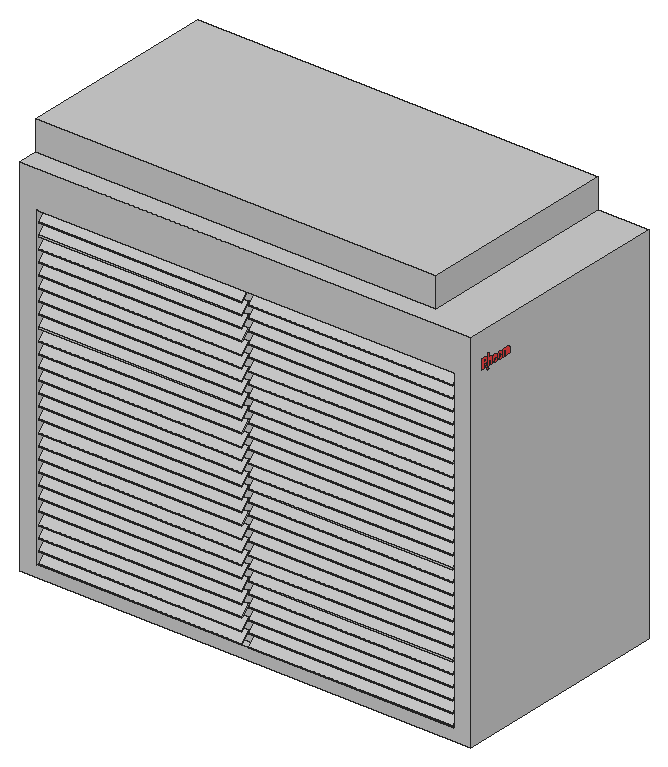
Revit family
Parameters (values of type "Commerical Heat Pump - Ducted")
  Unitheight_ANZRS = 935 mm
  UnitWidth_ANZRS = 565 mm
  UnitDepth_ANZRS [instance] = 1150 mm
  URL = "http://www.rheem.com.au/commercial_product.asp?ProdID=96&cat_id=2\r\n"
  Type Comments = "Output 16 KW @ 20oC/60% RH Recovery 300 L/h  @ 45°C  rise\r\n"
  Materials_ANZRS = Rheem - Joey Grey Steel
  OutletPipeDiameter_ANZRS = OutPipeRadius_ANZRS * 2  # 32 mm
  OutPipeRadius_ANZRS = 16 mm
  Model = "952022\r\n"
  Manufacturer = "Rheem\r\n"
  InletPipeDiameter_ANZRS = InPipeRadius_ANZRS * 2  # 32 mm
  InPipeRadius_ANZRS = 16 mm
  DesignBy_ANZRS = "Design Content ©\r\n"
  Description = "Commerical Heat Pump - Ducted \r\n"
  CondensateDrainPipeDiameter_ANZRS = CDPipeRadius_ANZRS * 2  # 20 mm
  CDPipeRadius_ANZRS = 10 mm
  Author_ANZRS = "DM"
  Assembly Code = ""
Reference planes
  plane 1 "Center (Front/Back)": y = 0
  plane 2: z = 0
  plane 3 "Center (Left/Right)": x = 0
  plane 4 "W1": y = 282.5
  plane 5 "W2": y = -282.5
  plane 6 "W4": x = -575
  plane 7 "W3": x = 575
  plane 8 "CENTER 1": x = -320
  plane 9 "CENTER 2": x = 180
  plane 10: z = 25
  plane 11 "HEIGHT": z = 960
  plane 12 "W11": y = 212.65
  plane 13 "W13": y = 147.65
  plane 14 "W15": y = -212.65
  plane 15 "W14": y = -147.65
  plane 16 "CD1": z = 225
  plane 17 "CD2": z = 555
  plane 18 "CENTER 3": y = -167.65
  plane 19 "w5": x = -545
  plane 20 "W7": x = 545
  plane 21 "H1": z = 53.419
  plane 22 "CENTER 5": y = 180.15
  plane 23 "CENTER 4": y = -180.15
  plane 24: y = -260.438
  plane 25 "W6": x = -527.091
  plane 26 "W9": x = 527.091
  plane 27 "W8": x = 532.091
  plane 28: x = -625
  plane 29: y = 174.5
  plane 30 "Fans": z = 1035
Forms (mm)
  Extrusion 1, solid, material "Rheem - Joey Grey Steel" <- "Materials_ANZRS"
    sketch origin (0, 0, 0) x (1, 0, 0) y (0, 1, 0)
      loop
        line (-575, 282.5) -> (-575, -260.438) -> (575, -260.438) -> (575, 282.5) -> (-575, 282.5)
    from 25 to 960
  Extrusion 2, solid, material "Rheem - Joey Grey Steel" <- "Materials_ANZRS"
    sketch origin (0, 0, 0) x (0, 1, 0) y (0, 0, 1)
      loop
        circle (-167.65, 555) r 16
      loop
        circle (-167.65, 225) r 16
    from -575 to -625
  Extrusion 3, solid, material "Rheem - Joey Grey Steel" <- "Materials_ANZRS"
    sketch origin (0, 0, 0) x (0, 1, 0) y (0, 0, 1)
      loop
        line (212.65, 0) -> (212.65, 25) -> (147.65, 25) -> (147.65, 0) -> (212.65, 0)
      loop
        line (-147.65, 0) -> (-147.65, 25) -> (-212.65, 25) -> (-212.65, 0) -> (-147.65, 0)
    from -545 to 545
  Extrusion 4, solid, material "Rheem - Joey Grey Steel" <- "Materials_ANZRS"
    sketch origin (0, 0, 0) x (0, 1, 0) y (0, 0, 1)
      loop
        circle (180.15, 53.419) r 10
      loop
        circle (-180.15, 53.419) r 10
    from -575 to -625
  Extrusion 5, solid, material "Rheem - Joey Grey Steel" <- "Materials_ANZRS"
    sketch origin (0, 0, 0) x (0, 1, 0) y (0, 0, 1)
      loop
        line (-260.438, 860.039) -> (-282.5, 837.978) -> (-282.5, 835.579) -> (-260.438, 857.64) -> (-260.438, 860.039)
      loop
        line (-260.438, 830.039) -> (-282.5, 807.978) -> (-282.5, 805.579) -> (-260.438, 827.64) -> (-260.438, 830.039)
      loop
        line (-260.438, 800.039) -> (-282.5, 777.978) -> (-282.5, 775.579) -> (-260.438, 797.64) -> (-260.438, 800.039)
      loop
        line (-260.438, 770.039) -> (-282.5, 747.978) -> (-282.5, 745.579) -> (-260.438, 767.64) -> (-260.438, 770.039)
      loop
        line (-260.438, 740.039) -> (-282.5, 717.978) -> (-282.5, 715.579) -> (-260.438, 737.64) -> (-260.438, 740.039)
      loop
        line (-260.438, 710.039) -> (-282.5, 687.978) -> (-282.5, 685.579) -> (-260.438, 707.64) -> (-260.438, 710.039)
      loop
        line (-260.438, 680.039) -> (-282.5, 657.978) -> (-282.5, 655.579) -> (-260.438, 677.64) -> (-260.438, 680.039)
      loop
        line (-260.438, 650.039) -> (-282.5, 627.978) -> (-282.5, 625.579) -> (-260.438, 647.64) -> (-260.438, 650.039)
      loop
        line (-260.438, 620.039) -> (-282.5, 597.978) -> (-282.5, 595.579) -> (-260.438, 617.64) -> (-260.438, 620.039)
      loop
        line (-260.438, 590.039) -> (-282.5, 567.978) -> (-282.5, 565.579) -> (-260.438, 587.64) -> (-260.438, 590.039)
      loop
        line (-260.438, 560.039) -> (-282.5, 537.978) -> (-282.5, 535.579) -> (-260.438, 557.64) -> (-260.438, 560.039)
      loop
        line (-260.438, 530.039) -> (-282.5, 507.978) -> (-282.5, 505.579) -> (-260.438, 527.64) -> (-260.438, 530.039)
      loop
        line (-260.438, 500.039) -> (-282.5, 477.978) -> (-282.5, 475.579) -> (-260.438, 497.64) -> (-260.438, 500.039)
      loop
        line (-260.438, 470.039) -> (-282.5, 447.978) -> (-282.5, 445.579) -> (-260.438, 467.64) -> (-260.438, 470.039)
      loop
        line (-260.438, 440.039) -> (-282.5, 417.978) -> (-282.5, 415.579) -> (-260.438, 437.64) -> (-260.438, 440.039)
      loop
        line (-260.438, 410.039) -> (-282.5, 387.978) -> (-282.5, 385.579) -> (-260.438, 407.64) -> (-260.438, 410.039)
      loop
        line (-260.438, 380.039) -> (-282.5, 357.978) -> (-282.5, 355.579) -> (-260.438, 377.64) -> (-260.438, 380.039)
      loop
        line (-260.438, 350.039) -> (-282.5, 327.978) -> (-282.5, 325.579) -> (-260.438, 347.64) -> (-260.438, 350.039)
      loop
        line (-260.438, 320.039) -> (-282.5, 297.978) -> (-282.5, 295.579) -> (-260.438, 317.64) -> (-260.438, 320.039)
      loop
        line (-260.438, 290.039) -> (-282.5, 267.978) -> (-282.5, 265.579) -> (-260.438, 287.64) -> (-260.438, 290.039)
      loop
        line (-260.438, 260.039) -> (-282.5, 237.978) -> (-282.5, 235.579) -> (-260.438, 257.64) -> (-260.438, 260.039)
      loop
        line (-260.438, 230.039) -> (-282.5, 207.978) -> (-282.5, 205.579) -> (-260.438, 227.64) -> (-260.438, 230.039)
      loop
        line (-260.438, 200.039) -> (-282.5, 177.978) -> (-282.5, 175.579) -> (-260.438, 197.64) -> (-260.438, 200.039)
      loop
        line (-260.438, 170.039) -> (-282.5, 147.978) -> (-282.5, 145.579) -> (-260.438, 167.64) -> (-260.438, 170.039)
      loop
        line (-260.438, 140.039) -> (-282.5, 117.978) -> (-282.5, 115.579) -> (-260.438, 137.64) -> (-260.438, 140.039)
      loop
        line (-260.438, 110.039) -> (-282.5, 87.978) -> (-282.5, 85.579) -> (-260.438, 107.64) -> (-260.438, 110.039)
      loop
        line (-260.438, 80.039) -> (-282.5, 57.978) -> (-282.5, 55.579) -> (-260.438, 77.64) -> (-260.438, 80.039)
    from -527.091 to -9.296
  Extrusion 6, solid, material "Rheem - Joey Grey Steel" <- "Materials_ANZRS"
    sketch origin (0, 0, 0) x (1, 0, 0) y (0, 0, 1)
      loop
        line (-575, 960) -> (-575, 25) -> (-14.281, 25) -> (575, 25) -> (575, 960) -> (-575, 960)
      loop
        line (-532.091, 53.419) -> (532.091, 53.419) -> (532.091, 865.039) -> (-532.091, 865.039) -> (-532.091, 53.419)
    from 260.438 to 282.5
  Extrusion 7, solid, material "Rheem - Joey Grey Steel" <- "Materials_ANZRS"
    sketch origin (0, 0, 0) x (0, 1, 0) y (0, 0, -1)
      loop
        line (-260.438, -860.039) -> (-260.438, -857.64) -> (-282.5, -835.579) -> (-282.5, -837.978) -> (-260.438, -860.039)
      loop
        line (-260.438, -830.039) -> (-260.438, -827.64) -> (-282.5, -805.579) -> (-282.5, -807.978) -> (-260.438, -830.039)
      loop
        line (-260.438, -800.039) -> (-260.438, -797.64) -> (-282.5, -775.579) -> (-282.5, -777.978) -> (-260.438, -800.039)
      loop
        line (-260.438, -770.039) -> (-260.438, -767.64) -> (-282.5, -745.579) -> (-282.5, -747.978) -> (-260.438, -770.039)
      loop
        line (-260.438, -740.039) -> (-260.438, -737.64) -> (-282.5, -715.579) -> (-282.5, -717.978) -> (-260.438, -740.039)
      loop
        line (-260.438, -710.039) -> (-260.438, -707.64) -> (-282.5, -685.579) -> (-282.5, -687.978) -> (-260.438, -710.039)
      loop
        line (-260.438, -680.039) -> (-260.438, -677.64) -> (-282.5, -655.579) -> (-282.5, -657.978) -> (-260.438, -680.039)
      loop
        line (-260.438, -650.039) -> (-260.438, -647.64) -> (-282.5, -625.579) -> (-282.5, -627.978) -> (-260.438, -650.039)
      loop
        line (-260.438, -620.039) -> (-260.438, -617.64) -> (-282.5, -595.579) -> (-282.5, -597.978) -> (-260.438, -620.039)
      loop
        line (-260.438, -590.039) -> (-260.438, -587.64) -> (-282.5, -565.579) -> (-282.5, -567.978) -> (-260.438, -590.039)
      loop
        line (-260.438, -560.039) -> (-260.438, -557.64) -> (-282.5, -535.579) -> (-282.5, -537.978) -> (-260.438, -560.039)
      loop
        line (-260.438, -530.039) -> (-260.438, -527.64) -> (-282.5, -505.579) -> (-282.5, -507.978) -> (-260.438, -530.039)
      loop
        line (-260.438, -500.039) -> (-260.438, -497.64) -> (-282.5, -475.579) -> (-282.5, -477.978) -> (-260.438, -500.039)
      loop
        line (-260.438, -470.039) -> (-260.438, -467.64) -> (-282.5, -445.579) -> (-282.5, -447.978) -> (-260.438, -470.039)
      loop
        line (-260.438, -440.039) -> (-260.438, -437.64) -> (-282.5, -415.579) -> (-282.5, -417.978) -> (-260.438, -440.039)
      loop
        line (-260.438, -410.039) -> (-260.438, -407.64) -> (-282.5, -385.579) -> (-282.5, -387.978) -> (-260.438, -410.039)
      loop
        line (-260.438, -380.039) -> (-260.438, -377.64) -> (-282.5, -355.579) -> (-282.5, -357.978) -> (-260.438, -380.039)
      loop
        line (-260.438, -350.039) -> (-260.438, -347.64) -> (-282.5, -325.579) -> (-282.5, -327.978) -> (-260.438, -350.039)
      loop
        line (-260.438, -320.039) -> (-260.438, -317.64) -> (-282.5, -295.579) -> (-282.5, -297.978) -> (-260.438, -320.039)
      loop
        line (-260.438, -290.039) -> (-260.438, -287.64) -> (-282.5, -265.579) -> (-282.5, -267.978) -> (-260.438, -290.039)
      loop
        line (-260.438, -260.039) -> (-260.438, -257.64) -> (-282.5, -235.579) -> (-282.5, -237.978) -> (-260.438, -260.039)
      loop
        line (-260.438, -230.039) -> (-260.438, -227.64) -> (-282.5, -205.579) -> (-282.5, -207.978) -> (-260.438, -230.039)
      loop
        line (-260.438, -200.039) -> (-260.438, -197.64) -> (-282.5, -175.579) -> (-282.5, -177.978) -> (-260.438, -200.039)
      loop
        line (-260.438, -170.039) -> (-260.438, -167.64) -> (-282.5, -145.579) -> (-282.5, -147.978) -> (-260.438, -170.039)
      loop
        line (-260.438, -140.039) -> (-260.438, -137.64) -> (-282.5, -115.579) -> (-282.5, -117.978) -> (-260.438, -140.039)
      loop
        line (-260.438, -110.039) -> (-260.438, -107.64) -> (-282.5, -85.579) -> (-282.5, -87.978) -> (-260.438, -110.039)
      loop
        line (-260.438, -80.039) -> (-260.438, -77.64) -> (-282.5, -55.579) -> (-282.5, -57.978) -> (-260.438, -80.039)
    from -527.091 to -9.296
  Extrusion 8, solid, material "Rheem - Joey Grey Steel" <- "Materials_ANZRS"
    sketch origin (575, 0, 960) x (0, 0, -1) y (0, 1, 0)
      loop
        circle (286.023, 174.5) r 0.5
    from 0 to -1
  Extrusion 9, solid, material "Rheem - Joey Grey Steel" <- "Materials_ANZRS"
    sketch origin (575, 0, 960) x (0, 0, -1) y (0, 1, 0)
      loop
        circle (336.023, 174.5) r 0.5
    from 0 to -1
  Extrusion 10, solid, material "Rheem - Joey Grey Steel" <- "Materials_ANZRS"
    sketch origin (575, 0, 960) x (0, 0, -1) y (0, 1, 0)
      loop
        circle (311.023, 174.5) r 0.5
    from 0 to -1
  Extrusion 11, solid, material "Rheem - Joey Grey Steel" <- "Materials_ANZRS"
    sketch origin (575, 0, 960) x (0, 0, -1) y (0, 1, 0)
      loop
        circle (361.023, 174.5) r 0.5
    from 0 to -1
  Extrusion 12, solid, material "Rheem - Joey Grey Steel" <- "Materials_ANZRS"
    sketch origin (0, 0, 960) x (-1, 0, 0) y (0, -1, 0)
      loop
        line (575, -282.5) -> (575, 232.5) -> (-445, 232.5) -> (-445, -282.5) -> (575, -282.5)
    from 0 to 75
Cuts and joins
  joined: Extrusion 1, Extrusion 6
Lines and regions (mm)
  Masking region 1
    outline origin (0, 0, 0) x (1, 0, 0) y (0, 1, 0)
      loop
        line (575, 282.5) -> (-575, 282.5) -> (-575, -282.5) -> (575, -282.5) -> (575, 282.5)
  Masking region 2
    outline origin (0, 0, 0) x (1, 0, 0) y (0, 0, 1)
      loop
        line (-575, 960) -> (-575, 25) -> (-545, 25) -> (-545, 0) -> (545, 0) -> (545, 25) -> (575, 25) -> (575, 960) -> (-575, 960)
  Masking region 3
    outline origin (0, 0, 0) x (0, 1, 0) y (0, 0, 1)
      loop
        line (282.5, 25) -> (282.5, 960) -> (-282.5, 960) -> (-282.5, 25) -> (-212.65, 25) -> (-212.65, 0) -> (-147.65, 0) -> (-147.65, 25) -> (147.65, 25) -> (147.65, 0) -> (212.65, 0) -> (212.65, 25) -> (282.5, 25)
  Masking region 4
    outline origin (0, 0, 0) x (1, 0, 0) y (0, 1, 0)
      loop
        line (-575, 282.5) -> (-575, -282.5) -> (575, -282.5) -> (575, 282.5) -> (-575, 282.5)
  symbolic lines, style "Rheem - Heat Pump", detail levels fine
    curve 1: line (575, 282.5, 0) -> (-575, 282.5, 0)
    curve 2: line (-575, 282.5, 0) -> (-575, -282.5, 0)
    curve 3: line (-575, -282.5, 0) -> (575, -282.5, 0)
    curve 4: line (575, -282.5, 0) -> (575, 282.5, 0)
    curve 5: line (-625, 190.15, 0) -> (-625, 170.15, 0)
    curve 6: line (-625, 170.15, 0) -> (-575, 170.15, 0)
    curve 7: line (-625, 190.15, 0) -> (-575, 190.15, 0)
    curve 8: line (-625, -147.65, 0) -> (-625, -180.15, 0)
    curve 9: line (-625, -180.15, 0) -> (-575, -180.15, 0)
    curve 10: line (-625, -147.65, 0) -> (-575, -147.65, 0)
    curve 11: line (-575, 0, 960) -> (-575, 0, 25)
    curve 12: line (575, 0, 960) -> (-575, 0, 960)
    curve 13: line (575, 0, 25) -> (575, 0, 960)
    curve 14: line (-575, 0, 25) -> (575, 0, 25)
    curve 15: line (-545, 0, 0) -> (545, 0, 0)
    curve 16: line (545, 0, 0) -> (545, 0, 25)
    curve 17: line (-545, 0, 25) -> (-545, 0, 0)
    curve 18: line (-625, 0, 63.419) -> (-625, 0, 43.419)
    curve 19: line (-625, 0, 571) -> (-625, 0, 538.877)
    curve 20: line (-625, 0, 241) -> (-625, 0, 209)
    curve 21: line (-625, 0, 571) -> (-575, 0, 571)
    curve 22: line (-625, 0, 538.877) -> (-575, 0, 538.877)
    curve 23: line (-625, 0, 241) -> (-575, 0, 241)
    curve 24: line (-625, 0, 209) -> (-575, 0, 209)
    curve 25: line (-625, 0, 63.419) -> (-575, 0, 63.419)
    curve 26: line (-625, 0, 43.419) -> (-575, 0, 43.419)
    curve 27: arc (-489.599, 0, 978.205) -> (-435.138, 0, 989.464) -> (-379.529, 0, 990.147) r 290.723
    curve 28: arc (-380.05, 0, 1028.047) -> (-461.829, 0, 1039.388) -> (-543, 0, 1024.299) r 257.845
    curve 29: line (-543, 0, 1024.299) -> (-543, 0, 989.574)
    curve 30: arc (-543, 0, 989.574) -> (-517.109, 0, 980.087) -> (-489.599, 0, 978.205) r 97.782
    curve 31: line (-97, 0, 989.574) -> (-97, 0, 1024.299)
    curve 32: line (-97, 0, 1024.299) -> (-145.8, 0, 1036.595)
    curve 33: arc (-150.401, 0, 978.205) -> (-204.603, 0, 989.436) -> (-259.95, 0, 990.19) r 290.723
    curve 34: arc (-259.95, 0, 1028.047) -> (-178.171, 0, 1039.388) -> (-97, 0, 1024.299) r 257.845
    curve 35: arc (10.401, 0, 978.205) -> (64.603, 0, 989.436) -> (119.95, 0, 990.19) r 290.723
    curve 36: arc (119.95, 0, 1028.047) -> (38.171, 0, 1039.388) -> (-43, 0, 1024.299) r 257.845
    curve 37: line (-43, 0, 1024.299) -> (-43, 0, 989.574)
    curve 38: arc (-43, 0, 989.574) -> (-17.109, 0, 980.087) -> (10.401, 0, 978.205) r 97.782
    curve 39: line (403, 0, 989.574) -> (403, 0, 1024.299)
    curve 40: line (403, 0, 1024.299) -> (354.2, 0, 1036.595)
    curve 41: arc (349.599, 0, 978.205) -> (295.397, 0, 989.436) -> (240.05, 0, 990.19) r 290.723
    curve 42: arc (240.05, 0, 1028.047) -> (321.829, 0, 1039.388) -> (403, 0, 1024.299) r 257.845
    curve 43: line (-371.22, 0, 1039.299) -> (-268.78, 0, 1039.299)
    curve 44: line (-259.95, 0, 1030.469) -> (-380.05, 0, 1030.469)
    curve 45: line (-259.95, 0, 984.299) -> (-380.05, 0, 984.299)
    curve 46: line (-371.22, 0, 975.469) -> (-268.78, 0, 975.469)
    curve 47: line (128.78, 0, 1039.299) -> (231.22, 0, 1039.299)
    curve 48: line (240.05, 0, 1030.469) -> (119.95, 0, 1030.469)
    curve 49: line (240.05, 0, 984.299) -> (119.95, 0, 984.299)
    curve 50: line (128.78, 0, 975.469) -> (231.22, 0, 975.469)
    curve 51: line (119.95, 0, 1030.469) -> (128.78, 0, 1039.299)
    curve 52: line (119.95, 0, 984.299) -> (128.78, 0, 975.469)
    curve 53: line (231.22, 0, 975.469) -> (240.05, 0, 984.299)
    curve 54: line (240.05, 0, 1030.469) -> (231.22, 0, 1039.299)
    curve 55: line (-380.05, 0, 1030.469) -> (-371.22, 0, 1039.299)
    curve 56: line (-268.78, 0, 1039.299) -> (-259.95, 0, 1030.469)
    curve 57: line (-259.95, 0, 984.299) -> (-268.78, 0, 975.469)
    curve 58: line (-371.22, 0, 975.469) -> (-380.05, 0, 984.299)
    curve 59: line (-380.05, 0, 984.299) -> (-380.05, 0, 1030.469)
    curve 60: line (-259.95, 0, 1030.469) -> (-259.95, 0, 984.299)
    curve 61: line (119.95, 0, 1030.469) -> (119.95, 0, 984.299)
    curve 62: line (240.05, 0, 1030.469) -> (240.05, 0, 984.299)
    curve 63: line (0, 282.5, 25) -> (0, 282.5, 960)
    curve 64: line (0, 282.5, 960) -> (0, -282.5, 960)
    curve 65: line (0, -282.5, 960) -> (0, -282.5, 25)
    curve 66: line (0, -282.5, 25) -> (0, 282.5, 25)
    curve 67: line (0, 212.65, 0) -> (0, 212.65, 25)
    curve 68: line (0, 147.65, 0) -> (0, 212.65, 0)
    curve 69: line (0, 147.65, 25) -> (0, 147.65, 0)
    curve 70: line (0, -147.65, 0) -> (0, -147.65, 25)
    curve 71: line (0, -212.65, 0) -> (0, -147.65, 0)
    curve 72: line (0, -212.65, 25) -> (0, -212.65, 0)
    curve 73: arc (0, -170.15, 53.419) -> (0, -180.15, 43.419) -> (0, -190.15, 53.419) r 10
    curve 74: arc (0, -190.15, 53.419) -> (0, -180.15, 63.419) -> (0, -170.15, 53.419) r 10
    curve 75: arc (0, 190.15, 53.419) -> (0, 180.15, 43.419) -> (0, 170.15, 53.419) r 10
    curve 76: arc (0, 170.15, 53.419) -> (0, 180.15, 63.419) -> (0, 190.15, 53.419) r 10
    curve 77: arc (0, -151.65, 225) -> (0, -167.65, 209) -> (0, -183.65, 225) r 16
    curve 78: arc (0, -183.65, 225) -> (0, -167.65, 241) -> (0, -151.65, 225) r 16
    curve 79: arc (0, -151.65, 555) -> (0, -167.65, 539) -> (0, -183.65, 555) r 16
    curve 80: arc (0, -183.65, 555) -> (0, -167.65, 571) -> (0, -151.65, 555) r 16
    curve 99: arc (-97, 0, 989.574) -> (-122.891, 0, 980.087) -> (-150.401, 0, 978.205) r 97.782
    curve 100: arc (403, 0, 989.574) -> (377.109, 0, 980.087) -> (349.599, 0, 978.205) r 97.782
  symbolic lines, style "Rheem - Heat Pump", detail levels medium+fine
    curve 81: arc (0, 169.689, 966.982) -> (0, 115.451, 978.217) -> (0, 60.067, 978.962) r 290.723
    curve 82: arc (0, 60.067, 1016.802) -> (0, 141.881, 1028.166) -> (0, 223.091, 1013.077) r 257.845
    curve 83: line (0, 223.091, 1013.077) -> (0, 223.091, 978.351)
    curve 84: arc (0, 223.091, 978.351) -> (0, 197.2, 968.864) -> (0, 169.689, 966.982) r 97.782
    curve 85: line (0, -222.909, 978.254) -> (0, -222.909, 1013.077)
    curve 86: arc (0, -169.45, 967) -> (0, -115.372, 978.206) -> (0, -60.15, 978.983) r 290.723
    curve 87: arc (0, -60.15, 1016.883) -> (0, -141.838, 1028.163) -> (0, -222.909, 1013.077) r 257.845
    curve 88: line (0, -51.31, 1028.077) -> (0, 51.31, 1028.077)
    curve 89: line (0, -51.301, 964.246) -> (0, 51.31, 964.246)
    curve 90: line (0, 51.31, 964.246) -> (0, 60.067, 973.003)
    curve 91: line (0, 60.16, 973.096) -> (0, -60.15, 973.096)
    curve 92: line (0, -51.301, 964.246) -> (0, -60.15, 973.096)
    curve 93: line (0, -60.15, 973.096) -> (0, -60.15, 1019.237)
    curve 94: line (0, -60.15, 1019.237) -> (0, -51.31, 1028.077)
    curve 95: line (0, 51.31, 1028.077) -> (0, 60.067, 1019.32)
    curve 96: line (0, 60.067, 1019.32) -> (0, 60.067, 973.003)
    curve 97: line (0, -60.15, 1019.237) -> (0, 60.067, 1019.237)
    curve 98: arc (0, -222.909, 978.254) -> (0, -196.982, 968.818) -> (0, -169.45, 967) r 97.782
  model lines, style "Rheem - Heat Pump", detail levels medium+fine
    curve 101: circle (-320, 25, 1035) r 244 normal (0, 0, 1)
    curve 102: line (-368.8, -30.701, 1035) -> (-368.8, -149.2, 1035)
    curve 103: arc (-368.8, -149.2, 1035) -> (-354.507, -183.707, 1035) -> (-320, -198, 1035) r 48.8
    curve 104: line (-320, -198, 1035) -> (-271.2, -198, 1035)
    curve 105: line (-271.2, -198, 1035) -> (-271.2, -30.701, 1035)
    curve 106: line (-375.701, -23.8, 1035) -> (-543, -23.8, 1035)
    curve 107: line (-543, -23.8, 1035) -> (-543, 25, 1035)
    curve 108: arc (-543, 25, 1035) -> (-528.707, 59.507, 1035) -> (-494.2, 73.8, 1035) r 48.8
    curve 109: line (-494.2, 73.8, 1035) -> (-375.701, 73.8, 1035)
    curve 110: line (-368.8, 80.701, 1035) -> (-368.8, 248, 1035)
    curve 111: line (-368.8, 248, 1035) -> (-320, 248, 1035)
    curve 112: arc (-320, 248, 1035) -> (-285.493, 233.707, 1035) -> (-271.2, 199.2, 1035) r 48.8
    curve 113: line (-271.2, 199.2, 1035) -> (-271.2, 80.701, 1035)
    curve 114: line (-264.299, -23.8, 1035) -> (-145.8, -23.8, 1035)
    curve 115: arc (-145.8, -23.8, 1035) -> (-111.293, -9.507, 1035) -> (-97, 25, 1035) r 48.8
    curve 116: line (-97, 25, 1035) -> (-97, 73.8, 1035)
    curve 117: line (-97, 73.8, 1035) -> (-264.299, 73.8, 1035)
    curve 118: circle (-320, 25, 1035) r 206 normal (0, 0, 1)
    curve 119: circle (-320, 25, 1035) r 168 normal (0, 0, 1)
    curve 120: circle (-320, 25, 1035) r 130 normal (0, 0, 1)
    curve 121: circle (-320, 25, 1035) r 92 normal (0, 0, 1)
    curve 122: circle (-320, 25, 1035) r 54 normal (0, 0, 1)
    curve 123: circle (-504.286, 209.286, 1035) r 4.88 normal (0, 0, 1)
    curve 124: circle (-135.714, 209.286, 1035) r 4.88 normal (0, 0, 1)
    curve 125: line (-278.522, 59.577, 1035) -> (-132.263, 205.835, 1035)
    curve 126: line (-285.423, 66.478, 1035) -> (-139.165, 212.737, 1035)
    curve 127: line (-354.577, 66.478, 1035) -> (-500.835, 212.737, 1035)
    curve 128: line (-361.478, 59.577, 1035) -> (-507.737, 205.835, 1035)
    curve 129: line (-354.577, -16.478, 1035) -> (-500.835, -162.737, 1035)
    curve 130: line (-361.478, -9.577, 1035) -> (-507.737, -155.835, 1035)
    curve 131: circle (-504.286, -159.286, 1035) r 4.88 normal (0, 0, 1)
    curve 132: line (-285.423, -16.478, 1035) -> (-139.165, -162.737, 1035)
    curve 133: line (-278.522, -9.577, 1035) -> (-132.263, -155.835, 1035)
    curve 134: circle (-135.714, -159.286, 1035) r 4.88 normal (0, 0, 1)
    curve 135: circle (180, 25, 1035) r 244 normal (0, 0, 1)
    curve 136: line (131.2, -30.701, 1035) -> (131.2, -149.2, 1035)
    curve 137: arc (131.2, -149.2, 1035) -> (145.493, -183.707, 1035) -> (180, -198, 1035) r 48.8
    curve 138: line (180, -198, 1035) -> (228.8, -198, 1035)
    curve 139: line (228.8, -198, 1035) -> (228.8, -30.701, 1035)
    curve 140: line (124.299, -23.8, 1035) -> (-43, -23.8, 1035)
    curve 141: line (-43, -23.8, 1035) -> (-43, 25, 1035)
    curve 142: arc (-43, 25, 1035) -> (-28.707, 59.507, 1035) -> (5.8, 73.8, 1035) r 48.8
    curve 143: line (5.8, 73.8, 1035) -> (124.299, 73.8, 1035)
    curve 144: line (131.2, 80.701, 1035) -> (131.2, 248, 1035)
    curve 145: line (131.2, 248, 1035) -> (180, 248, 1035)
    curve 146: arc (180, 248, 1035) -> (214.507, 233.707, 1035) -> (228.8, 199.2, 1035) r 48.8
    curve 147: line (228.8, 199.2, 1035) -> (228.8, 80.701, 1035)
    curve 148: line (235.701, -23.8, 1035) -> (354.2, -23.8, 1035)
    curve 149: arc (354.2, -23.8, 1035) -> (388.707, -9.507, 1035) -> (403, 25, 1035) r 48.8
    curve 150: line (403, 25, 1035) -> (403, 73.8, 1035)
    curve 151: line (403, 73.8, 1035) -> (235.701, 73.8, 1035)
    curve 152: circle (180, 25, 1035) r 206 normal (0, 0, 1)
    curve 153: circle (180, 25, 1035) r 168 normal (0, 0, 1)
    curve 154: circle (180, 25, 1035) r 130 normal (0, 0, 1)
    curve 155: circle (180, 25, 1035) r 92 normal (0, 0, 1)
    curve 156: circle (180, 25, 1035) r 54 normal (0, 0, 1)
    curve 157: circle (-4.286, 209.286, 1035) r 4.88 normal (0, 0, 1)
    curve 158: circle (364.286, 209.286, 1035) r 4.88 normal (0, 0, 1)
    curve 159: line (221.478, 59.577, 1035) -> (367.737, 205.835, 1035)
    curve 160: line (214.577, 66.478, 1035) -> (360.835, 212.737, 1035)
    curve 161: line (145.423, 66.478, 1035) -> (-0.835, 212.737, 1035)
    curve 162: line (138.522, 59.577, 1035) -> (-7.737, 205.835, 1035)
    curve 163: line (145.423, -16.478, 1035) -> (-0.835, -162.737, 1035)
    curve 164: line (138.522, -9.577, 1035) -> (-7.737, -155.835, 1035)
    curve 165: circle (-4.286, -159.286, 1035) r 4.88 normal (0, 0, 1)
    curve 166: line (214.577, -16.478, 1035) -> (360.835, -162.737, 1035)
    curve 167: line (221.478, -9.577, 1035) -> (367.737, -155.835, 1035)
    curve 168: circle (364.286, -159.286, 1035) r 4.88 normal (0, 0, 1)
Dimensions and locks
  equal spacing: plane 6 "W4", plane 3 "Center (Left/Right)", plane 7 "W3"
  equal spacing: plane 4 "W1", plane 1 "Center (Front/Back)", plane 5 "W2"
  "UnitWidth_ANZRS": plane 4 "W1" to plane 5 "W2"
  "UnitDepth_ANZRS": plane 6 "W4" to plane 7 "W3"
  plane 6 "W4" to plane 8 "CENTER 1" = 255 mm
  plane 9 "CENTER 2" to plane 7 "W3" = 395 mm
  plane 8 "CENTER 1" to plane 9 "CENTER 2" = 500 mm
  "Unitheight_ANZRS": plane 11 "HEIGHT" to plane 10
  plane 10 to level = 25 mm
  plane 12 "W11" to plane 13 "W13" = 65 mm
  plane 15 "W14" to plane 14 "W15" = 65 mm
  plane 16 "CD1" to plane 10 = 200 mm
  plane 17 "CD2" to plane 10 = 530 mm
  locked: plane 19 "w5" to plane 6 "W4" at 30
  locked: plane 7 "W3" to plane 20 "W7" at 30
  plane 28 to plane 19 "w5" = 80 mm
  plane 21 "H1" to level = 53.419 mm
  cut or joined group of Extrusion 1, Extrusion 6 to Extrusion 12 sketch curve = 1020 mm
  plane 4 "W1" to Extrusion 12 sketch curve = 515 mm
  plane 30 "Fans" to plane 11 "HEIGHT" = 75 mm  (x2)
  plane 30 "Fans" to level = 1035 mm
  "OutPipeRadius_ANZRS": radius of Extrusion 2 sketch curve
  "InPipeRadius_ANZRS": radius of Extrusion 2 sketch curve
  "CDPipeRadius_ANZRS": radius of Extrusion 4 sketch curve  (x2)
  aligned and locked: level to plane 2
  aligned and locked: Extrusion 1 sketch curve to plane 4 "W1"
  aligned and locked: Extrusion 1 sketch curve to plane 6 "W4"
  aligned and locked: Extrusion 1 sketch curve to plane 7 "W3"
  aligned and locked: plane 11 "HEIGHT" to Extrusion 1
  aligned and locked: Extrusion 1 to plane 10
  aligned and locked: plane 17 "CD2" to Extrusion 2 sketch curve
  aligned and locked: plane 18 "CENTER 3" to Extrusion 2 sketch curve  (x2)
  aligned and locked: plane 16 "CD1" to Extrusion 2 sketch curve
  aligned: Extrusion 2 to plane 7 "W3"
  aligned and locked: level to Extrusion 3 sketch curve  (x2)
  aligned and locked: plane 12 "W11" to Extrusion 3 sketch curve
  aligned and locked: Extrusion 3 sketch curve to plane 10  (x2)
  aligned and locked: Extrusion 3 sketch curve to plane 13 "W13"
  aligned and locked: Extrusion 3 sketch curve to plane 15 "W14"
  aligned and locked: plane 14 "W15" to Extrusion 3 sketch curve
  aligned and locked: Extrusion 3 to plane 19 "w5"
  aligned and locked: Extrusion 3 to plane 20 "W7"
  aligned and locked: plane 22 "CENTER 5" to Extrusion 4 sketch curve
  aligned and locked: plane 21 "H1" to Extrusion 4 sketch curve  (x2)
  aligned and locked: plane 23 "CENTER 4" to Extrusion 4 sketch curve
  aligned and locked: Extrusion 4 to Extrusion 2
  aligned: Extrusion 4 to plane 7 "W3"
  aligned and locked: plane 5 "W2" to Extrusion 6
  aligned and locked: plane 26 "W9" to Extrusion 7
  aligned and locked: Extrusion 6 to plane 27 "W8"
  aligned and locked: Extrusion 6 sketch curve to plane 21 "H1"
  aligned and locked: Extrusion 2 to plane 6 "W4"
  aligned and locked: plane 28 to Extrusion 2
  aligned and locked: Extrusion 4 to plane 6 "W4"
  aligned and locked: plane 28 to Extrusion 4
  aligned and locked: curve 1 to cut or joined group of Extrusion 1, Extrusion 6
  aligned and locked: curve 2 to cut or joined group of Extrusion 1, Extrusion 6
  aligned and locked: curve 3 to cut or joined group of Extrusion 1, Extrusion 6
  aligned and locked: curve 4 to cut or joined group of Extrusion 1, Extrusion 6
  aligned and locked: curve 11 to cut or joined group of Extrusion 1, Extrusion 6
  aligned and locked: curve 12 to cut or joined group of Extrusion 1, Extrusion 6
  aligned and locked: curve 13 to cut or joined group of Extrusion 1, Extrusion 6
  aligned and locked: curve 14 to cut or joined group of Extrusion 1, Extrusion 6
  aligned and locked: curve 18 to Extrusion 4
  aligned and locked: curve 19 to Extrusion 2
  aligned and locked: Masking region 1 sketch curve to curve 1
  aligned and locked: Masking region 1 sketch curve to curve 4
  aligned and locked: Masking region 1 sketch curve to curve 3
  aligned and locked: Masking region 1 sketch curve to curve 2
  aligned and locked: Masking region 2 sketch curve to curve 12
  aligned and locked: Masking region 2 sketch curve to curve 11
  aligned and locked: Masking region 2 sketch curve to curve 14
  aligned and locked: Masking region 2 sketch curve to curve 13
  aligned and locked: Masking region 2 sketch curve to curve 15
  aligned and locked: Masking region 2 sketch curve to curve 17
  aligned and locked: Masking region 2 sketch curve to curve 16
  aligned and locked: curve 63 to cut or joined group of Extrusion 1, Extrusion 6
  aligned and locked: curve 64 to cut or joined group of Extrusion 1, Extrusion 6
  aligned and locked: curve 65 to cut or joined group of Extrusion 1, Extrusion 6
  aligned and locked: curve 66 to cut or joined group of Extrusion 1, Extrusion 6
  aligned and locked: curve 73 to Extrusion 4
  aligned and locked: curve 74 to Extrusion 4
  aligned and locked: curve 75 to Extrusion 4
  aligned and locked: curve 76 to Extrusion 4
  aligned and locked: curve 77 to Extrusion 2
  aligned and locked: curve 78 to Extrusion 2
  aligned and locked: curve 79 to Extrusion 2
  aligned and locked: curve 80 to Extrusion 2
  aligned and locked: Masking region 3 sketch curve to curve 63
  aligned and locked: Masking region 3 sketch curve to curve 64
  aligned and locked: Masking region 3 sketch curve to curve 65
  aligned and locked: Masking region 3 sketch curve to curve 68
  aligned and locked: Masking region 3 sketch curve to curve 67
  aligned and locked: Masking region 3 sketch curve to curve 69
  aligned and locked: Masking region 3 sketch curve to curve 70
  aligned and locked: Masking region 3 sketch curve to curve 71
  aligned and locked: Masking region 3 sketch curve to curve 72
  aligned and locked: Masking region 3 sketch curve to curve 66
  aligned and locked: Masking region 4 sketch curve to curve 1
  aligned and locked: Masking region 4 sketch curve to curve 2
  aligned and locked: Masking region 4 sketch curve to curve 3
  aligned and locked: Masking region 4 sketch curve to curve 4
Automatic sketch dimensions
  Extrusion 1 sketch curve to plane 24 = 0 mm
  curve 66 to plane 5 "W2" = 0 mm
  curve 72 to plane 10 = 0 mm
  curve 72 to plane 14 "W15" = 0 mm
  curve 70 to level = 0 mm
  curve 70 to plane 15 "W14" = 0 mm
  curve 69 to plane 13 "W13" = 0 mm
  curve 67 to level = 0 mm
  curve 67 to plane 12 "W11" = 0 mm
  curve 66 to plane 4 "W1" = 0 mm
  curve 63 to plane 11 "HEIGHT" = 0 mm
  curve 85 to plane 14 "W15" = 10.259 mm
  curve 98 to plane 23 "CENTER 4" = 3.312 mm
  plane 18 "CENTER 3" to curve 86 = 1.8 mm
  plane 15 "W14" to curve 87 = 11.841 mm
  plane 15 "W14" to curve 86 = 63.962 mm
  plane 11 "HEIGHT" to curve 91 = 13.096 mm
  plane 1 "Center (Front/Back)" to curve 91 = 60.15 mm
  curve 93 to curve 88 = 8.84 mm
  plane 11 "HEIGHT" to curve 92 = 4.246 mm
  curve 91 to curve 92 = 8.849 mm
  curve 88 to plane 30 "Fans" = 6.923 mm
  curve 88 to plane 1 "Center (Front/Back)" = 51.31 mm
  curve 89 to plane 1 "Center (Front/Back)" = 51.31 mm
  curve 88 to curve 96 = 8.757 mm
  curve 90 to curve 91 = 0.093 mm  (x2)
  plane 13 "W13" to curve 81 = 63.78 mm
  plane 13 "W13" to curve 82 = 11.66 mm
  curve 84 to plane 29 = 4.811 mm
  plane 29 to curve 84 = 2.339 mm
  curve 83 to plane 12 "W11" = 10.44 mm
  plane 17 "CD2" to curve 81 = 134.215 mm
  plane 17 "CD2" to curve 86 = 134.215 mm
  curve 86 to curve 87 = 81.173 mm
  curve 81 to curve 82 = 81.173 mm
  plane 11 "HEIGHT" to curve 84 = 6.982 mm
  plane 11 "HEIGHT" to curve 86 = 7 mm
  curve 86 to curve 85 = 11.254 mm
  curve 81 to curve 83 = 11.369 mm
  curve 87 to plane 30 "Fans" = 21.923 mm
  curve 83 to plane 30 "Fans" = 21.923 mm
  curve 87 to curve 94 = 2.354 mm
  curve 97 to curve 95 = 0.083 mm
  plane 28 to curve 21 = 0 mm
  plane 28 to curve 20 = 0 mm
  plane 28 to curve 26 = 0 mm
  plane 6 "W4" to curve 24 = 0 mm
  curve 17 to plane 10 = 0 mm
  curve 17 to plane 19 "w5" = 0 mm
  curve 16 to level = 0 mm
  plane 20 "W7" to curve 16 = 0 mm
  curve 12 to plane 7 "W3" = 0 mm
  curve 11 to plane 11 "HEIGHT" = 0 mm
  plane 19 "w5" to curve 28 = 2 mm
  plane 25 "W6" to curve 30 = 30.343 mm
  plane 11 "HEIGHT" to curve 30 = 18.205 mm
  plane 25 "W6" to curve 30 = 37.492 mm
  plane 25 "W6" to curve 28 = 71.191 mm
  curve 27 to plane 8 "CENTER 1" = 83.779 mm
  plane 11 "HEIGHT" to curve 45 = 24.299 mm
  curve 45 to plane 8 "CENTER 1" = 60.05 mm
  curve 45 to curve 27 = 0.521 mm
  curve 45 to curve 46 = 8.83 mm
  plane 30 "Fans" to curve 55 = 4.299 mm
  curve 44 to curve 55 = 8.83 mm
  plane 11 "HEIGHT" to curve 46 = 15.469 mm
  plane 8 "CENTER 1" to curve 46 = 51.22 mm
  plane 8 "CENTER 1" to curve 56 = 51.22 mm
  curve 46 to curve 33 = 8.83 mm
  plane 8 "CENTER 1" to curve 33 = 83.779 mm
  curve 33 to curve 34 = 52.121 mm
  plane 11 "HEIGHT" to curve 33 = 18.205 mm
  curve 45 to curve 33 = 109.549 mm
  plane 30 "Fans" to curve 32 = 1.595 mm
  curve 99 to curve 32 = 4.601 mm
  curve 32 to curve 99 = 2.548 mm
  plane 11 "HEIGHT" to curve 31 = 29.574 mm
  curve 99 to curve 31 = 53.401 mm
  curve 38 to plane 3 "Center (Left/Right)" = 43 mm
  plane 3 "Center (Left/Right)" to curve 38 = 3.252 mm
  plane 3 "Center (Left/Right)" to curve 38 = 10.401 mm
  plane 3 "Center (Left/Right)" to curve 36 = 44.1 mm
  curve 35 to plane 9 "CENTER 2" = 83.779 mm
  curve 36 to plane 30 "Fans" = 6.953 mm
  curve 36 to plane 9 "CENTER 2" = 60.05 mm
  plane 30 "Fans" to curve 47 = 4.299 mm
  curve 48 to curve 47 = 8.83 mm
  curve 49 to curve 50 = 8.83 mm
  plane 11 "HEIGHT" to curve 53 = 15.469 mm
  plane 9 "CENTER 2" to curve 53 = 51.22 mm
  plane 9 "CENTER 2" to curve 54 = 51.22 mm
  curve 50 to curve 49 = 8.83 mm
  plane 9 "CENTER 2" to curve 41 = 83.779 mm
  curve 41 to curve 42 = 52.121 mm
  plane 11 "HEIGHT" to curve 100 = 18.205 mm
  curve 49 to curve 100 = 109.549 mm
  plane 30 "Fans" to curve 40 = 1.595 mm
  curve 100 to curve 40 = 4.601 mm
  curve 40 to curve 100 = 2.548 mm
  plane 11 "HEIGHT" to curve 100 = 29.574 mm
  curve 100 to curve 100 = 53.401 mm
  curve 26 to plane 21 "H1" = 10 mm
  plane 21 "H1" to curve 18 = 10 mm
  curve 24 to plane 16 "CD1" = 16 mm
  plane 16 "CD1" to curve 23 = 16 mm
  curve 22 to plane 17 "CD2" = 16.123 mm
  plane 17 "CD2" to curve 21 = 16 mm
  plane 17 "CD2" to curve 27 = 145.438 mm
  plane 17 "CD2" to curve 41 = 145.438 mm
  plane 17 "CD2" to curve 35 = 145.438 mm
  plane 17 "CD2" to curve 33 = 145.438 mm
  curve 35 to curve 36 = 81.173 mm
  curve 33 to curve 34 = 81.173 mm
  curve 41 to curve 42 = 81.173 mm
  curve 27 to curve 28 = 81.173 mm
  plane 11 "HEIGHT" to curve 38 = 18.205 mm
  curve 49 to curve 41 = 5.891 mm
  curve 37 to curve 36 = 34.725 mm
  curve 11 to curve 30 = 29.574 mm
  curve 29 to plane 30 "Fans" = 10.701 mm
  curve 34 to curve 60 = 2.422 mm
  curve 42 to curve 54 = 2.422 mm
  curve 6 to plane 28 = 0 mm
  curve 8 to plane 15 "W14" = 0 mm
  curve 8 to plane 28 = 0 mm
  plane 5 "W2" to curve 3 = 0 mm
  curve 3 to plane 6 "W4" = 0 mm
  curve 4 to plane 7 "W3" = 0 mm
  plane 23 "CENTER 4" to curve 8 = 0 mm
  curve 2 to plane 4 "W1" = 0 mm
  curve 6 to plane 29 = 4.35 mm
  plane 22 "CENTER 5" to curve 7 = 10 mm
  Extrusion 5 sketch curve to plane 5 "W2" = 0 mm  (x27)
  Extrusion 5 sketch curve to plane 24 = 0 mm  (x27)
  plane 21 "H1" to Extrusion 5 sketch curve = 2.159 mm
  Extrusion 5 sketch curve to Extrusion 5 sketch curve = 2.399 mm  (x54)
  plane 21 "H1" to Extrusion 5 sketch curve = 24.221 mm
  Extrusion 5 sketch curve to Extrusion 5 sketch curve = 5.539 mm  (x22)
  Extrusion 5 sketch curve to Extrusion 5 sketch curve = 27.601 mm  (x22)
  Extrusion 5 sketch curve to plane 16 "CD1" = 27.36 mm
  Extrusion 5 sketch curve to plane 16 "CD1" = 19.421 mm
  plane 16 "CD1" to Extrusion 5 sketch curve = 2.64 mm
  plane 16 "CD1" to Extrusion 5 sketch curve = 10.579 mm
  Extrusion 5 sketch curve to plane 17 "CD2" = 27.36 mm
  Extrusion 5 sketch curve to plane 17 "CD2" = 19.421 mm
  plane 17 "CD2" to Extrusion 5 sketch curve = 2.64 mm
  plane 17 "CD2" to Extrusion 5 sketch curve = 10.579 mm
  plane 6 "W4" to Extrusion 6 sketch curve = 0 mm
  Extrusion 6 sketch curve to plane 10 = 0 mm
  Extrusion 6 sketch curve to plane 27 "W8" = 0 mm
  Extrusion 6 sketch curve to plane 7 "W3" = 0 mm
  Extrusion 6 sketch curve to plane 11 "HEIGHT" = 0 mm
  Extrusion 6 sketch curve to plane 25 "W6" = 5 mm
  Extrusion 6 sketch curve to plane 3 "Center (Left/Right)" = 14.281 mm
  Extrusion 6 sketch curve to plane 11 "HEIGHT" = 94.961 mm
  Extrusion 7 sketch curve to plane 5 "W2" = 0 mm  (x27)
  Extrusion 7 sketch curve to plane 24 = 0 mm  (x27)
  Extrusion 7 sketch curve to plane 11 "HEIGHT" = 99.961 mm
  Extrusion 7 sketch curve to Extrusion 7 sketch curve = 2.399 mm  (x53)
  Extrusion 7 sketch curve to Extrusion 7 sketch curve = 19.662 mm
  Extrusion 7 sketch curve to Extrusion 7 sketch curve = 5.539 mm  (x24)
  Extrusion 7 sketch curve to Extrusion 7 sketch curve = 27.601 mm  (x21)
  plane 17 "CD2" to Extrusion 7 sketch curve = 12.978 mm
  plane 17 "CD2" to Extrusion 7 sketch curve = 5.039 mm
  Extrusion 7 sketch curve to plane 17 "CD2" = 17.022 mm
  plane 16 "CD1" to Extrusion 7 sketch curve = 12.978 mm
  plane 16 "CD1" to Extrusion 7 sketch curve = 5.039 mm
  Extrusion 7 sketch curve to plane 16 "CD1" = 17.022 mm
  plane 21 "H1" to Extrusion 7 sketch curve = 4.558 mm
  plane 21 "H1" to Extrusion 7 sketch curve = 2.159 mm
  Masking region 2 sketch curve to plane 10 = 0 mm
  Masking region 3 sketch curve to plane 10 = 0 mm  (x2)
  Extrusion 6 to Extrusion 8 sketch curve = 286.023 mm
  Extrusion 8 sketch curve to Extrusion 6 = 434.938 mm
  Extrusion 6 to Extrusion 9 sketch curve = 336.023 mm
  Extrusion 9 sketch curve to Extrusion 6 = 434.938 mm
  Extrusion 6 to Extrusion 10 sketch curve = 311.023 mm
  Extrusion 10 sketch curve to Extrusion 6 = 434.938 mm
  Extrusion 6 to Extrusion 11 sketch curve = 361.023 mm
  Extrusion 11 sketch curve to Extrusion 6 = 434.938 mm
  Extrusion 12 sketch curve to plane 6 "W4" = 0 mm
  Extrusion 12 sketch curve to plane 4 "W1" = 0 mm
  curve 101 to curve 118 = 0 mm  (x2)
  curve 101 to curve 119 = 0 mm  (x2)
  curve 101 to curve 120 = 0 mm  (x2)
  curve 101 to curve 121 = 0 mm  (x2)
  curve 101 to curve 122 = 0 mm  (x2)
  curve 118 to curve 119 = 0 mm  (x2)
  curve 118 to curve 120 = 0 mm  (x2)
  curve 118 to curve 121 = 0 mm  (x2)
  curve 118 to curve 122 = 0 mm  (x2)
  curve 119 to curve 120 = 0 mm  (x2)
  curve 119 to curve 121 = 0 mm  (x2)
  curve 119 to curve 122 = 0 mm  (x2)
  curve 120 to curve 121 = 0 mm  (x2)
  curve 120 to curve 122 = 0 mm  (x2)
  curve 121 to curve 122 = 0 mm  (x2)
  curve 135 to curve 152 = 0 mm  (x2)
  curve 135 to curve 153 = 0 mm  (x2)
  curve 135 to curve 154 = 0 mm  (x2)
  curve 135 to curve 155 = 0 mm  (x2)
  curve 135 to curve 156 = 0 mm  (x2)
  curve 152 to curve 153 = 0 mm  (x2)
  curve 152 to curve 154 = 0 mm  (x2)
  curve 152 to curve 155 = 0 mm  (x2)
  curve 152 to curve 156 = 0 mm  (x2)
  curve 153 to curve 154 = 0 mm  (x2)
  curve 153 to curve 155 = 0 mm  (x2)
  curve 153 to curve 156 = 0 mm  (x2)
  curve 154 to curve 155 = 0 mm  (x2)
  curve 154 to curve 156 = 0 mm  (x2)
  curve 155 to curve 156 = 0 mm  (x2)
  curve 150 to Extrusion 12 = 42 mm
  curve 159 to Extrusion 12 = 77.263 mm
  curve 167 to Extrusion 12 = 77.263 mm
  curve 159 to curve 158 = 3.451 mm
  curve 167 to curve 168 = 3.451 mm
  curve 168 to curve 166 = 3.451 mm
  curve 158 to curve 160 = 3.451 mm
  curve 150 to curve 148 = 48.8 mm
  curve 149 to curve 151 = 118.499 mm
  curve 148 to curve 151 = 0 mm
  curve 151 to curve 146 = 6.901 mm
  curve 148 to curve 139 = 6.901 mm  (x2)
  curve 148 to curve 167 = 14.223 mm
  curve 151 to curve 159 = 14.223 mm
  curve 159 to curve 160 = 6.901 mm
  curve 167 to curve 166 = 6.901 mm
  curve 146 to Extrusion 12 = 34.5 mm
  curve 146 to curve 146 = 48.8 mm
  curve 159 to curve 154 = 41.478 mm
  curve 138 to curve 137 = 48.8 mm
  curve 163 to Extrusion 12 = 216.022 mm
  curve 135 to curve 163 = 34.577 mm
  curve 161 to Extrusion 12 = 216.022 mm
  curve 135 to curve 161 = 34.577 mm
  curve 164 to Extrusion 12 = 222.923 mm
  curve 162 to Extrusion 12 = 222.923 mm
  curve 163 to curve 136 = 14.223 mm
  curve 161 to curve 144 = 14.223 mm
  curve 144 to curve 143 = 6.901 mm
  curve 136 to curve 140 = 6.901 mm
  curve 143 to curve 142 = 118.499 mm
  curve 163 to Extrusion 12 = 69.763 mm
  curve 137 to curve 163 = 132.035 mm
  curve 161 to Extrusion 12 = 69.763 mm
  curve 144 to curve 161 = 132.035 mm
  curve 163 to curve 165 = 3.451 mm
  curve 161 to curve 157 = 3.451 mm
  curve 162 to Extrusion 12 = 76.665 mm
  curve 157 to curve 162 = 3.451 mm
  curve 164 to Extrusion 12 = 76.665 mm
  curve 165 to curve 164 = 3.451 mm
  curve 142 to curve 142 = 48.8 mm
  curve 142 to curve 115 = 54 mm
  curve 133 to Extrusion 12 = 76.665 mm
  curve 164 to curve 133 = 124.526 mm
  curve 125 to Extrusion 12 = 76.665 mm
  curve 162 to curve 125 = 124.526 mm
  curve 133 to curve 134 = 3.451 mm
  curve 125 to curve 124 = 3.451 mm
  curve 132 to Extrusion 12 = 69.763 mm
  curve 134 to curve 132 = 3.451 mm
  curve 126 to Extrusion 12 = 69.763 mm
  curve 124 to curve 126 = 3.451 mm
  curve 116 to curve 115 = 48.8 mm
  curve 115 to curve 117 = 118.499 mm
  curve 114 to curve 117 = 0 mm
  curve 117 to curve 112 = 6.901 mm
  curve 105 to Extrusion 12 = 34.5 mm
  curve 132 to curve 105 = 132.035 mm
  curve 114 to curve 133 = 14.223 mm
  curve 117 to curve 125 = 14.223 mm
  curve 126 to Extrusion 12 = 216.022 mm
  curve 125 to curve 126 = 6.901 mm
  curve 132 to Extrusion 12 = 216.022 mm
  curve 133 to curve 132 = 6.901 mm
  curve 111 to Extrusion 12 = 34.5 mm
  curve 112 to curve 111 = 48.8 mm
  curve 125 to curve 118 = 41.478 mm
  curve 104 to curve 103 = 48.8 mm
  curve 129 to Extrusion 12 = 216.022 mm
  curve 127 to Extrusion 12 = 216.022 mm
  curve 127 to curve 128 = 6.901 mm
  curve 129 to curve 130 = 6.901 mm
  curve 127 to curve 110 = 14.223 mm
  curve 129 to curve 102 = 14.223 mm
  curve 110 to curve 109 = 6.901 mm
  curve 102 to curve 106 = 6.901 mm
  curve 108 to Extrusion 12 = 80.8 mm
  curve 129 to Extrusion 12 = 74.165 mm
  curve 127 to Extrusion 12 = 74.165 mm
  curve 129 to curve 131 = 3.451 mm
  curve 127 to curve 123 = 3.451 mm  (x2)
  curve 131 to curve 130 = 3.451 mm
  curve 123 to curve 128 = 3.451 mm
  curve 107 to Extrusion 12 = 32 mm
  curve 160 to Extrusion 12 = 69.763 mm
  curve 127 to Extrusion 12 = 69.763 mm
  curve 160 to curve 158 = 3.451 mm
  curve 150 to curve 149 = 48.8 mm
  curve 107 to curve 107 = 48.8 mm
  curve 106 to curve 102 = 6.901 mm
  curve 137 to Extrusion 12 = 83.3 mm
  radius of Extrusion 8 sketch curve = 0.5 mm
  radius of Extrusion 9 sketch curve = 0.5 mm
  radius of Extrusion 10 sketch curve = 0.5 mm
  radius of Extrusion 11 sketch curve = 0.5 mm
  radius of curve 101 = 244 mm
  radius of curve 118 = 206 mm
  radius of curve 119 = 168 mm
  radius of curve 120 = 130 mm
  radius of curve 121 = 92 mm
  radius of curve 135 = 244 mm
  radius of curve 152 = 206 mm
  radius of curve 153 = 168 mm
  radius of curve 154 = 130 mm
  radius of curve 155 = 92 mm
Nested families
  nested 1: "Rheem Logo" at (575, -208.129, 873.419) x (0, 1, 0) z (1, 0, 0), type "Rheem Logo"
Connectors
  piping at (-625, 180.15, 53.419), driven by "CDPipeRadius_ANZRS"
    settings: on Extrusion 4, index 1, connector radius 10 mm, flow factor 0, pipe flow 0.0 L/s, pressure drop 0.0 Pa, fitting loss kfactor 0, connector angle 0.00°, fixture units 0, flow configuration 1, flow direction 1, fitting loss method 0, system type 22, connector reference index -1, connector utility 0, adjustable connector no, is connector primary yes, fitting loss table "", connector description ""
  piping at (-625, -180.15, 53.419), driven by "CDPipeRadius_ANZRS"
    settings: on Extrusion 4, index 2, connector radius 10 mm, flow factor 0, pipe flow 0.0 L/s, pressure drop 0.0 Pa, fitting loss kfactor 0, connector angle 0.00°, fixture units 0, flow configuration 1, flow direction 1, fitting loss method 0, system type 16, connector reference index -1, connector utility 0, adjustable connector no, is connector primary no, fitting loss table "", connector description ""
  piping at (-625, -167.65, 225), driven by "InPipeRadius_ANZRS"
    settings: on Extrusion 2, index 3, connector radius 16 mm, flow factor 0, pipe flow 0.0 L/s, pressure drop 0.0 Pa, fitting loss kfactor 0, connector angle 0.00°, fixture units 0, flow configuration 1, flow direction 1, fitting loss method 0, system type 20, connector reference index -1, connector utility 0, adjustable connector no, is connector primary no, fitting loss table "", connector description ""
  piping at (-625, -167.65, 555), driven by "OutPipeRadius_ANZRS"
    settings: on Extrusion 2, index 4, connector radius 16 mm, flow factor 0, pipe flow 0.0 L/s, pressure drop 0.0 Pa, fitting loss kfactor 0, connector angle 0.00°, fixture units 0, flow configuration 1, flow direction 2, fitting loss method 0, system type 19, connector reference index -1, connector utility 0, adjustable connector no, is connector primary no, fitting loss table "", connector description ""
  electrical at (575, 174.5, 673.977)
    settings: on Extrusion 8, index 5, voltage 0 V, apparent load 0 VA, apparent load phase1 0 VA, apparent load phase2 0 VA, apparent load phase3 0 VA, power factor 1, load classification "Other", number of poles 1, system type 30, power factor state 1, is connector primary yes, connector utility no, sub classification motor no, connector description ""
  electrical at (575, 174.5, 648.977)
    settings: on Extrusion 10, index 6, voltage 0 V, apparent load 0 VA, apparent load phase1 0 VA, apparent load phase2 0 VA, apparent load phase3 0 VA, power factor 1, load classification "Other", number of poles 1, system type 30, power factor state 1, is connector primary no, connector utility no, sub classification motor no, connector description ""
  electrical at (575, 174.5, 623.977)
    settings: on Extrusion 9, index 7, voltage 0 V, apparent load 0 VA, apparent load phase1 0 VA, apparent load phase2 0 VA, apparent load phase3 0 VA, power factor 1, load classification "Other", number of poles 1, system type 30, power factor state 1, is connector primary no, connector utility no, sub classification motor no, connector description ""
  electrical at (575, 174.5, 598.977)
    settings: on Extrusion 11, index 8, voltage 0 V, apparent load 0 VA, apparent load phase1 0 VA, apparent load phase2 0 VA, apparent load phase3 0 VA, power factor 1, load classification "Other", number of poles 1, system type 30, power factor state 1, is connector primary no, connector utility no, sub classification motor no, connector description ""
Definition of nested family "Rheem Logo"
  Parameters (values of type "Rheem Logo")
    Default Elevation = 1219.2 mm
    Assembly Code = ""
  Reference planes
    plane 1 "Center (Front/Back)": y = 0
    plane 2: z = 0
    plane 3 "Center (Left/Right)": x = 0
  Forms (mm)
    Extrusion 1, solid
      sketch origin (0, 0, 0) x (1, 0, 0) y (0, 1, 0)
        loop
          line (-1219.2, 1219.2) -> (-1219.2, -1219.2) -> (1219.2, -1219.2) -> (1219.2, 1219.2) -> (-1219.2, 1219.2)
      from 0 to -304.8
    Extrusion 2, solid, material "Rheem - Red"
      sketch origin (0, 0, 0) x (1, 0, 0) y (0, 1, 0)
        loop
          line (-41.894, 1.214) -> (-38.082, 1.214) -> (-38.082, 21.599) -> (-32.234, 21.599)
          arc (-32.234, 21.599) -> (-29.693, 18.062) -> (-32.234, 14.524) r 3.733
          line (-32.234, 14.524) -> (-37.193, 14.524) -> (-25.503, -6.017) -> (-21.057, -6.017) -> (-31.586, 12.168)
          arc (-31.586, 12.168) -> (-27.821, 13.513) -> (-25.921, 17.03) r 5.582
          arc (-25.921, 17.03) -> (-25.719, 18.742) -> (-25.921, 20.454) r 7.357
          arc (-25.921, 20.454) -> (-28.207, 24.104) -> (-32.234, 25.629) r 6.75
          line (-32.234, 25.629) -> (-41.894, 25.629) -> (-41.894, 1.214)
        loop
          line (-23.226, 1.185) -> (-19.437, 1.185) -> (-19.437, 13.012)
          arc (-19.437, 13.012) -> (-19.128, 14.152) -> (-18.458, 15.124) r 3.499
          arc (-18.458, 15.124) -> (-15.383, 15.705) -> (-13.789, 13.012) r 2.726
          line (-13.789, 13.012) -> (-13.789, 1.24) -> (-10.243, 1.24) -> (-10.243, 15.292)
          arc (-10.243, 15.292) -> (-11.786, 18.511) -> (-15.149, 19.709) r 4.688
          arc (-15.149, 19.709) -> (-17.647, 19.107) -> (-19.481, 17.308) r 4.826
          line (-19.481, 17.308) -> (-19.481, 30.829) -> (-23.226, 30.829) -> (-23.226, 1.185)
        loop
          line (23.175, 1.163) -> (26.995, 1.163) -> (26.995, 13.552)
          spline (26.995, 13.552) -> (27.371, 14.564) -> (27.804, 15.069) -> (28.281, 15.418) -> (28.811, 15.632) -> (29.379, 15.725) -> (29.95, 15.717) -> (30.497, 15.616) -> (30.99, 15.417) -> (31.391, 15.11) -> (31.695, 14.668) -> (31.964, 14.008) -> (32.183, 12.765)
          line (32.183, 12.765) -> (32.183, 1.163) -> (35.718, 1.163) -> (35.718, 13.552)
          spline (35.718, 13.552) -> (36.109, 14.517) -> (36.554, 15.006) -> (37.052, 15.326) -> (37.59, 15.559) -> (38.152, 15.707) -> (38.721, 15.73) -> (39.268, 15.631) -> (39.76, 15.428) -> (40.161, 15.119) -> (40.465, 14.673) -> (40.735, 14.008) -> (40.954, 12.758)
          line (40.954, 12.758) -> (40.954, 1.163) -> (44.476, 1.163) -> (44.476, 15.299)
          spline (44.476, 15.299) -> (43.848, 17.29) -> (43.019, 18.22) -> (42.37, 18.702) -> (41.804, 19.017) -> (41.149, 19.264) -> (40.313, 19.428) -> (39.374, 19.465) -> (38.467, 19.368) -> (37.722, 19.168) -> (37.096, 18.83) -> (36.406, 18.243) -> (35.372, 17.031)
          spline (35.372, 17.031) -> (34.429, 18.123) -> (33.829, 18.62) -> (33.238, 18.972) -> (32.579, 19.243) -> (31.849, 19.438) -> (31.208, 19.538) -> (30.654, 19.537) -> (29.928, 19.446) -> (29.163, 19.24) -> (28.532, 18.893) -> (27.886, 18.393) -> (26.982, 17.161)
          line (26.982, 17.161) -> (26.982, 19.137) -> (23.175, 19.137) -> (23.175, 1.163)
        loop
          line (-4.847, 12.542) -> (2.427, 12.542)
          spline (2.427, 12.542) -> (1.763, 14.183) -> (1.301, 14.891) -> (0.805, 15.438) -> (0.245, 15.904) -> (-0.324, 16.216) -> (-1.038, 16.34) -> (-1.827, 16.292) -> (-2.465, 16.063) -> (-2.917, 15.675) -> (-3.427, 15.167) -> (-4.048, 14.327) -> (-4.847, 12.542)
        loop
          line (-4.9, 9.047) -> (6.017, 9.047)
          spline (6.017, 9.047) -> (5.705, 13.107) -> (4.905, 15.268) -> (3.688, 17.194) -> (1.99, 18.63) -> (-0.152, 19.603) -> (-2.058, 19.605) -> (-4.184, 18.763) -> (-5.86, 17.359) -> (-7.198, 15.418) -> (-8.007, 13.176) -> (-8.32, 10.92) -> (-7.964, 7.03)
          spline (-7.964, 7.03) -> (-6.832, 4.362) -> (-5.715, 2.918) -> (-4.556, 1.919) -> (-3.443, 1.286) -> (-2.241, 0.913) -> (-0.925, 0.787) -> (0.345, 0.947) -> (1.513, 1.391) -> (2.668, 2.062) -> (3.767, 2.962) -> (4.809, 4.177) -> (5.833, 6.548)
          line (5.833, 6.548) -> (2.04, 6.548)
          spline (2.04, 6.548) -> (1.056, 5.131) -> (0.367, 4.642) -> (-0.297, 4.355) -> (-0.96, 4.223) -> (-1.562, 4.241) -> (-2.284, 4.517) -> (-3.007, 4.961) -> (-3.495, 5.411) -> (-3.891, 5.947) -> (-4.296, 6.68) -> (-4.648, 7.691) -> (-4.9, 9.047)
        loop
          line (10.749, 12.229) -> (18.023, 12.229)
          spline (18.023, 12.229) -> (17.358, 13.871) -> (16.897, 14.578) -> (16.4, 15.125) -> (15.841, 15.591) -> (15.271, 15.904) -> (14.557, 16.027) -> (13.768, 15.979) -> (13.131, 15.75) -> (12.679, 15.363) -> (12.168, 14.855) -> (11.547, 14.015) -> (10.749, 12.229)
        loop
          line (10.735, 9.008) -> (21.652, 9.008)
          spline (21.652, 9.008) -> (21.34, 13.068) -> (20.54, 15.228) -> (19.323, 17.155) -> (17.625, 18.591) -> (15.482, 19.564) -> (13.577, 19.566) -> (11.45, 18.724) -> (9.775, 17.319) -> (8.437, 15.379) -> (7.627, 13.137) -> (7.315, 10.881) -> (7.671, 6.991)
          spline (7.671, 6.991) -> (8.803, 4.323) -> (9.919, 2.879) -> (11.079, 1.88) -> (12.192, 1.247) -> (13.394, 0.874) -> (14.71, 0.748) -> (15.98, 0.908) -> (17.147, 1.352) -> (18.303, 2.023) -> (19.402, 2.923) -> (20.444, 4.138) -> (21.468, 6.509)
          line (21.468, 6.509) -> (17.675, 6.509)
          spline (17.675, 6.509) -> (16.691, 5.092) -> (16.002, 4.603) -> (15.338, 4.316) -> (14.675, 4.184) -> (14.073, 4.202) -> (13.351, 4.478) -> (12.627, 4.922) -> (12.14, 5.371) -> (11.743, 5.908) -> (11.339, 6.641) -> (10.986, 7.652) -> (10.735, 9.008)
      from 0 to 2
  Dimensions and locks
    aligned and locked: plane 2 to Extrusion 1
    aligned and locked: level to Extrusion 1
